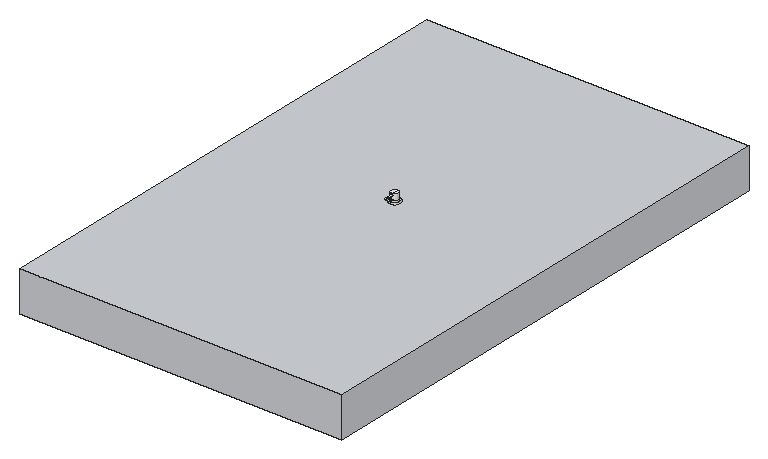
Revit family "Diverter_Trim-Grohe-Atrio-29216_Series", category Plumbing Fixtures, host Face, Revit 2014
Parameters (values of type "29216001")
  Width = 3 1/8"
  Waste Connection = no
  Warranty Documentation Link = "https://cdn.cloud.grohe.com/tpi/1000/1900/1940/1949/1949006/original/1949006.pdf"
  WFU = 4  # constant formula
  Vent Connection = no
  URL = "https://www.grohe.us/en_us/"
  Type Comments = ""
  Tempered Connection Radius = Tempered Connection Diameter / 2  # 1/4"
  Tempered Connection Diameter = Hot Water Connection Diameter  # 1/2"
  Product Page URL = "https://www.grohe.us/en_us/atrio-3-way-diverter-29216001.html"
  Price = "Prices may vary. Please consult Manufacturer Representative for most up-to-date price list."  # constant formula
  Model = "29216001"
  Material = "Metal-Grohe-001-StarLight Chrome"
  Manufacturer = "Grohe"
  Length = 2 5/8"
  Installation Type = "Wall Mounted"
  Hot Water Connection Radius = Hot Water Connection Diameter / 2  # 1/4"
  Hot Water Connection Diameter = Cold Water Connection Diameter  # 1/2"
  HWFU = 3  # constant formula
  HW Connection = yes
  Flow Rate = ""
  Finish = Metal-Grohe-001-StarLight Chrome
  Description = "Atrio 3-Way Diverter"  # constant formula
  Default Elevation = 44"  # constant formula
  Creation Date = "09/05/2019"  # constant formula
  Cold Water Connection Radius = 1/4"  # constant formula
  Cold Water Connection Diameter = Cold Water Connection Radius * 2  # 1/2"
  CWFU = 3  # constant formula
  CW Connection = yes
  Assembly Code = "D2010710"
  ADA Compliant = no
Types (2): name | Product Page URL | Model | Material | Finish
  29216001 | "https://www.grohe.us/en_us/atrio-3-way-diverter-29216001.html" | "29216001" | "Metal-Grohe-001-StarLight Chrome" | Metal-Grohe-001-StarLight Chrome
  29216EN1 | "https://www.grohe.us/en_us/atrio-3-way-diverter-29216EN1.html" | "29216EN1" | "Metal-Grohe-EN1-Brushed Nickel" | Metal-Grohe-EN1-Brushed Nickel
Reference planes (in)
  plane 1 "Center (Front/Back)": y = 0
  plane 2: z = 0
  plane 3 "Center (Left/Right)": x = 0
  plane 4: y = -1.5625
  plane 5: y = 1.5625
  plane 6: z = 0.3125
  plane 7: z = 2.375
  plane 8: y = -3.1875
Forms (in)
  Extrusion 1, solid
    sketch origin (0, 0, 0) x (1, 0, 0) y (0, 1, 0)
      loop
        line (-48, 72) -> (-48, -79.70833) -> (48, -79.70833) -> (48, 72) -> (-48, 72)
    from 0 to -12
  Revolve 2, solid, material "Metal-Grohe-001-StarLight Chrome" <- "Finish"
    sketch origin (0, 0, 0) x (0, 1, 0) y (0, 0, 1)
      loop
        line (1.5625, 0) -> (1.5625, 0.3125)
        arc (1.5625, 0.3125) -> (1.29254, 0.31693) -> (1.02258, 0.32051) r 87.07732
        line (1.02258, 0.32051) -> (1.02258, 0.76334) -> (0.93125, 0.76334) -> (0.90171, 0.82667) -> (0.99841, 0.82667) -> (1.02258, 0.85084) -> (1.02258, 2.375) -> (0, 2.375) -> (0, 0) -> (1.5625, 0)
      axis (0, 2.375) -> (0, 0)
    angle from 0 to 360
  Extrusion 3, solid, material "Metal-Grohe-001-StarLight Chrome" <- "Finish"
    sketch origin (0, 0, 0) x (1, 0, 0) y (0, 1, 0)
      loop
        circle (-0.49522, 0) r 0.25
      loop
        circle (0.49522, 0) r 0.25
    from 0 to 0.0625
  Extrusion 4, solid, not visible
    sketch origin (0, 0, 0) x (0, 1, 0) y (0, 0, 1)
      loop
        circle (0, -0.63262) r 0.25
    from -1.4215 to 1.47216
  Extrusion 5, solid, not visible
    sketch origin (0, 0, 0) x (1, 0, 0) y (0, 0, 1)
      loop
        circle (0, -0.63262) r 0.25
    from -1.4215 to 1.47216
  Extrusion 6, solid, material "Metal-Grohe-001-StarLight Chrome" <- "Finish"
    sketch origin (0, 0, 0) x (1, 0, 0) y (0, 0, 1)
      loop
        circle (0, 1.95707) r 0.25
    from 0 to 3.1875
Cuts and joins
  joined: Revolve 2, Extrusion 3, Extrusion 6
Lines and regions (in)
  Masking region 1
    outline origin (0, 0, 0) x (1, 0, 0) y (0, 0, 1)
      loop
        line (-1.02258, 2.375) -> (-1.02258, 0.85084) -> (-0.99841, 0.82667) -> (-0.90171, 0.82667) -> (-0.93125, 0.76334) -> (-1.02258, 0.76334) -> (-1.02258, 0.32051) -> (-1.5625, 0.3125) -> (-1.5625, 0) -> (1.5625, 0) -> (1.5625, 0.3125) -> (1.02258, 0.32051) -> (1.02258, 0.76334) -> (0.93125, 0.76334) -> (0.90171, 0.82667) -> (0.99841, 0.82667) -> (1.02258, 0.85084) -> (1.02258, 2.375) -> (-1.02258, 2.375)
  symbolic lines, detail levels medium+fine
    curve 1: line (1.02258, 0, 0.32051) -> (-1.02258, 0, 0.32051)
  symbolic lines, detail levels fine
    curve 2: line (0.93125, 0, 0.76334) -> (-0.93125, 0, 0.76334)
    curve 3: line (0.90171, 0, 0.82667) -> (-0.90171, 0, 0.82667)
    curve 4: line (1.02258, 0, 0.85084) -> (-1.02258, 0, 0.85084)
Dimensions and locks (in)
  plane 5 to plane 4 = 3 1/8"
  plane 5 to plane 8 = 4 3/4"
  "Hot Water Connection Diameter": diameter of Extrusion 3 sketch curve
  "Cold Water Connection Diameter": diameter of Extrusion 3 sketch curve
  aligned and locked: plane 2 to Extrusion 1
  aligned and locked: level to Extrusion 1
Automatic sketch dimensions
  Extrusion 1 sketch curve to Extrusion 1 sketch curve = 96"
  Extrusion 1 sketch curve to Extrusion 1 sketch curve = 151.70833"
  plane 1 "Center (Front/Back)" to Extrusion 3 sketch curve = 0"  (x2)
  Extrusion 3 sketch curve to plane 3 "Center (Left/Right)" = 0.49522"
  plane 3 "Center (Left/Right)" to Extrusion 3 sketch curve = 0.49522"
  Revolve 2 sketch curve to plane 1 "Center (Front/Back)" = 0"  (x2)
  Revolve 2 sketch curve to level = 0"
  Revolve 2 sketch curve to plane 7 = 0"
  Revolve 2 sketch curve to plane 5 = 0"
  Revolve 2 sketch curve to plane 6 = 0"
  Revolve 2 sketch curve to plane 1 "Center (Front/Back)" = 0.0002"
  Revolve 2 sketch curve to plane 5 = 0.66079"
  Revolve 2 sketch curve to Revolve 2 sketch curve = 0.02953"
  Revolve 2 sketch curve to Revolve 2 sketch curve = 0.06716"
  plane 6 to Revolve 2 sketch curve = 0.00801"
  Revolve 2 sketch curve to Revolve 2 sketch curve = 0.53992"
  Revolve 2 sketch curve to plane 5 = 0.53992"
  plane 6 to Revolve 2 sketch curve = 0.45084"
  Revolve 2 sketch curve to Revolve 2 sketch curve = 0.06333"
  Revolve 2 sketch curve to Revolve 2 sketch curve = 0.02417"
  Revolve 2 sketch curve to Revolve 2 sketch curve = 1/4"
  Revolve 2 sketch curve to Revolve 2 sketch curve = 1.73102"
  Extrusion 4 sketch curve to plane 1 "Center (Front/Back)" = 0"
  Extrusion 4 sketch curve to level = 0.63262"
  Extrusion 5 sketch curve to plane 3 "Center (Left/Right)" = 0"
  Extrusion 5 sketch curve to level = 0.63262"
  Masking region 1 sketch curve to level = 0"
  Masking region 1 sketch curve to plane 3 "Center (Left/Right)" = 1 9/16"
  level to Masking region 1 sketch curve = 0.32051"  (x2)
  Masking region 1 sketch curve to Masking region 1 sketch curve = 0.53992"  (x2)
  Masking region 1 sketch curve to Masking region 1 sketch curve = 0"
  Masking region 1 sketch curve to Masking region 1 sketch curve = 0.02417"  (x4)
  Masking region 1 sketch curve to Masking region 1 sketch curve = 0.09133"  (x2)
  Masking region 1 sketch curve to Masking region 1 sketch curve = 0.02953"  (x2)
  plane 3 "Center (Left/Right)" to Masking region 1 sketch curve = 0.90171"
  Masking region 1 sketch curve to Masking region 1 sketch curve = 0.06716"
  level to Masking region 1 sketch curve = 5/16"  (x2)
  Masking region 1 sketch curve to Masking region 1 sketch curve = 0.44283"  (x2)
  Masking region 1 sketch curve to Masking region 1 sketch curve = 0.06333"  (x2)
  Masking region 1 sketch curve to Masking region 1 sketch curve = 1.52416"
  level to curve 1 = 0.32051"
  curve 1 to plane 3 "Center (Left/Right)" = 1.02258"
  curve 4 to curve 1 = 0"
  curve 4 to curve 2 = 0.09133"
  curve 2 to curve 3 = 0.02953"
  plane 3 "Center (Left/Right)" to curve 3 = 0.90171"
  curve 3 to curve 2 = 0.02953"
  curve 3 to curve 4 = 0.12086"
  curve 2 to curve 1 = 0.09133"
  curve 1 to curve 2 = 0.44283"
  curve 2 to curve 3 = 0.06333"
  curve 3 to curve 4 = 0.02417"
  Extrusion 6 sketch curve to plane 3 "Center (Left/Right)" = 0"
  level to Extrusion 6 sketch curve = 1.95707"
  radius of Extrusion 4 sketch curve = 1/4"
  radius of Extrusion 5 sketch curve = 1/4"
  radius of Extrusion 6 sketch curve = 1/4"
Connectors (in)
  piping at (-1.4215, 0, -0.63262), diameter 0.5, driven by "Tempered Connection Diameter"
    settings: on Extrusion 4, index 1, connector inside diameter 24", connector length 0", flow factor 0, pipe flow 0 GPM, pressure drop 0.00 psi, fitting loss kfactor 0, connector angle 0.00°, fixture units 0, engagement length 0", angle of deflection 0.00°, flow configuration 0, flow direction 1, fitting loss method 0, system type 29, joint type 0, gender type 0, connector reference index -1, connector utility 0, adjustable connector no, is connector primary yes, connector description "1/2\" Supply Inlet"
  piping at (0, 1.4215, -0.63262), diameter 0.5, driven by "Tempered Connection Diameter"
    settings: on Extrusion 5, index 2, connector inside diameter 24", connector length 0", flow factor 0, pipe flow 0 GPM, pressure drop 0.00 psi, fitting loss kfactor 0, connector angle 0.00°, fixture units 0, engagement length 0", angle of deflection 0.00°, flow configuration 0, flow direction 2, fitting loss method 0, system type 29, joint type 0, gender type 0, connector reference index -1, connector utility 0, adjustable connector no, is connector primary no, connector description "1/2\" Shower Supply Outlet"
  piping at (1.47216, 0, -0.63262), diameter 0.5, driven by "Tempered Connection Diameter"
    settings: on Extrusion 4, index 3, connector inside diameter 24", connector length 0", flow factor 0, pipe flow 0 GPM, pressure drop 0.00 psi, fitting loss kfactor 0, connector angle 0.00°, fixture units 0, engagement length 0", angle of deflection 0.00°, flow configuration 0, flow direction 2, fitting loss method 0, system type 29, joint type 0, gender type 0, connector reference index -1, connector utility 0, adjustable connector no, is connector primary no, connector description "/2\" Handshower Supply Outlet"
  piping at (0, -1.47216, -0.63262), diameter 0.5, driven by "Tempered Connection Diameter"
    settings: on Extrusion 5, index 4, connector inside diameter 24", connector length 0", flow factor 0, pipe flow 0 GPM, pressure drop 0.00 psi, fitting loss kfactor 0, connector angle 0.00°, fixture units 0, engagement length 0", angle of deflection 0.00°, flow configuration 0, flow direction 2, fitting loss method 0, system type 29, joint type 0, gender type 0, connector reference index -1, connector utility 0, adjustable connector no, is connector primary no, connector description "1/2\" Spout Supply Outlet"
